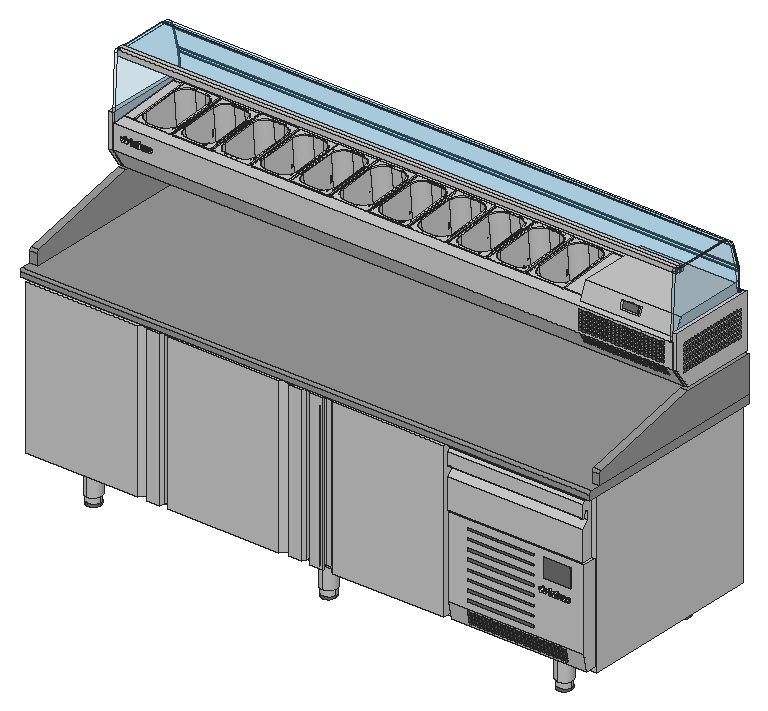
Revit family "QF_INFRICO_MP2300_VIP2300B14_G_250813011618", category Specialty Equipment, Revit 2021 (continued)
Definition of nested family "QF_INFRICO_VIP2300B14_G_7212"
  Forms (mm)
    Extrusion 1, solid
      sketch origin (-1435.914, -351.1, -830.93) x (1, 0, 0) y (0, 0, 1)
        loop
          line (3388.864, 964.364) -> (3398.864, 964.364) -> (3398.864, 974.364) -> (3388.864, 974.364) -> (3388.864, 964.364)
        loop
          line (3382.214, 964.364) -> (3382.214, 974.364) -> (3372.214, 974.364) -> (3372.214, 964.364) -> (3382.214, 964.364)
        loop
          line (3372.214, 980.789) -> (3382.214, 980.789) -> (3382.214, 990.789) -> (3372.214, 990.789) -> (3372.214, 980.789)
        loop
          line (3372.214, 997.214) -> (3382.214, 997.214) -> (3382.214, 1007.214) -> (3372.214, 1007.214) -> (3372.214, 997.214)
        loop
          line (3388.864, 997.214) -> (3398.864, 997.214) -> (3398.864, 1007.214) -> (3388.864, 1007.214) -> (3388.864, 997.214)
        loop
          line (3398.864, 980.789) -> (3398.864, 990.789) -> (3388.864, 990.789) -> (3388.864, 980.789) -> (3398.864, 980.789)
        loop
          line (3422.164, 931.514) -> (3432.164, 931.514) -> (3432.164, 941.514) -> (3422.164, 941.514) -> (3422.164, 931.514)
        loop
          line (3405.514, 931.514) -> (3415.514, 931.514) -> (3415.514, 941.514) -> (3405.514, 941.514) -> (3405.514, 931.514)
        loop
          line (3422.164, 947.939) -> (3432.164, 947.939) -> (3432.164, 957.939) -> (3422.164, 957.939) -> (3422.164, 947.939)
        loop
          line (3415.514, 947.939) -> (3415.514, 957.939) -> (3405.514, 957.939) -> (3405.514, 947.939) -> (3415.514, 947.939)
        loop
          line (3422.164, 964.364) -> (3432.164, 964.364) -> (3432.164, 974.364) -> (3422.164, 974.364) -> (3422.164, 964.364)
        loop
          line (3415.514, 964.364) -> (3415.514, 974.364) -> (3405.514, 974.364) -> (3405.514, 964.364) -> (3415.514, 964.364)
        loop
          line (3405.514, 980.789) -> (3415.514, 980.789) -> (3415.514, 990.789) -> (3405.514, 990.789) -> (3405.514, 980.789)
        loop
          line (3405.514, 997.214) -> (3415.514, 997.214) -> (3415.514, 1007.214) -> (3405.514, 1007.214) -> (3405.514, 997.214)
        loop
          line (3422.164, 997.214) -> (3432.164, 997.214) -> (3432.164, 1007.214) -> (3422.164, 1007.214) -> (3422.164, 997.214)
        loop
          line (3432.164, 980.789) -> (3432.164, 990.789) -> (3422.164, 990.789) -> (3422.164, 980.789) -> (3432.164, 980.789)
        loop
          line (3455.464, 931.514) -> (3465.464, 931.514) -> (3465.464, 941.514) -> (3455.464, 941.514) -> (3455.464, 931.514)
        loop
          line (3438.814, 931.514) -> (3448.814, 931.514) -> (3448.814, 941.514) -> (3438.814, 941.514) -> (3438.814, 931.514)
        loop
          line (3455.464, 947.939) -> (3465.464, 947.939) -> (3465.464, 957.939) -> (3455.464, 957.939) -> (3455.464, 947.939)
        loop
          line (3448.814, 947.939) -> (3448.814, 957.939) -> (3438.814, 957.939) -> (3438.814, 947.939) -> (3448.814, 947.939)
        loop
          line (3455.464, 964.364) -> (3465.464, 964.364) -> (3465.464, 974.364) -> (3455.464, 974.364) -> (3455.464, 964.364)
        loop
          line (3448.814, 964.364) -> (3448.814, 974.364) -> (3438.814, 974.364) -> (3438.814, 964.364) -> (3448.814, 964.364)
        loop
          line (3438.814, 980.789) -> (3448.814, 980.789) -> (3448.814, 990.789) -> (3438.814, 990.789) -> (3438.814, 980.789)
        loop
          line (3438.814, 997.214) -> (3448.814, 997.214) -> (3448.814, 1007.214) -> (3438.814, 1007.214) -> (3438.814, 997.214)
        loop
          line (3455.464, 997.214) -> (3465.464, 997.214) -> (3465.464, 1007.214) -> (3455.464, 1007.214) -> (3455.464, 997.214)
        loop
          line (3465.464, 980.789) -> (3465.464, 990.789) -> (3455.464, 990.789) -> (3455.464, 980.789) -> (3465.464, 980.789)
        loop
          line (3488.764, 931.514) -> (3498.764, 931.514) -> (3498.764, 941.514) -> (3488.764, 941.514) -> (3488.764, 931.514)
        loop
          line (3472.114, 931.514) -> (3482.114, 931.514) -> (3482.114, 941.514) -> (3472.114, 941.514) -> (3472.114, 931.514)
        loop
          line (3488.764, 947.939) -> (3498.764, 947.939) -> (3498.764, 957.939) -> (3488.764, 957.939) -> (3488.764, 947.939)
        loop
          line (3482.114, 947.939) -> (3482.114, 957.939) -> (3472.114, 957.939) -> (3472.114, 947.939) -> (3482.114, 947.939)
        loop
          line (3488.764, 964.364) -> (3498.764, 964.364) -> (3498.764, 974.364) -> (3488.764, 974.364) -> (3488.764, 964.364)
        loop
          line (3482.114, 964.364) -> (3482.114, 974.364) -> (3472.114, 974.364) -> (3472.114, 964.364) -> (3482.114, 964.364)
        loop
          line (3472.114, 980.789) -> (3482.114, 980.789) -> (3482.114, 990.789) -> (3472.114, 990.789) -> (3472.114, 980.789)
        loop
          line (3472.114, 997.214) -> (3482.114, 997.214) -> (3482.114, 1007.214) -> (3472.114, 1007.214) -> (3472.114, 997.214)
        loop
          line (3488.764, 997.214) -> (3498.764, 997.214) -> (3498.764, 1007.214) -> (3488.764, 1007.214) -> (3488.764, 997.214)
        loop
          line (3498.764, 980.789) -> (3498.764, 990.789) -> (3488.764, 990.789) -> (3488.764, 980.789) -> (3498.764, 980.789)
        loop
          line (3522.064, 931.514) -> (3532.064, 931.514) -> (3532.064, 941.514) -> (3522.064, 941.514) -> (3522.064, 931.514)
        loop
          line (3505.414, 931.514) -> (3515.414, 931.514) -> (3515.414, 941.514) -> (3505.414, 941.514) -> (3505.414, 931.514)
        loop
          line (3522.064, 947.939) -> (3532.064, 947.939) -> (3532.064, 957.939) -> (3522.064, 957.939) -> (3522.064, 947.939)
        loop
          line (3515.414, 947.939) -> (3515.414, 957.939) -> (3505.414, 957.939) -> (3505.414, 947.939) -> (3515.414, 947.939)
        loop
          line (3522.064, 964.364) -> (3532.064, 964.364) -> (3532.064, 974.364) -> (3522.064, 974.364) -> (3522.064, 964.364)
        loop
          line (3515.414, 964.364) -> (3515.414, 974.364) -> (3505.414, 974.364) -> (3505.414, 964.364) -> (3515.414, 964.364)
        loop
          line (3505.414, 980.789) -> (3515.414, 980.789) -> (3515.414, 990.789) -> (3505.414, 990.789) -> (3505.414, 980.789)
        loop
          line (3505.414, 997.214) -> (3515.414, 997.214) -> (3515.414, 1007.214) -> (3505.414, 1007.214) -> (3505.414, 997.214)
        loop
          line (3522.064, 997.214) -> (3532.064, 997.214) -> (3532.064, 1007.214) -> (3522.064, 1007.214) -> (3522.064, 997.214)
        loop
          line (3532.064, 980.789) -> (3532.064, 990.789) -> (3522.064, 990.789) -> (3522.064, 980.789) -> (3532.064, 980.789)
        loop
          line (3555.364, 931.514) -> (3565.364, 931.514) -> (3565.364, 941.514) -> (3555.364, 941.514) -> (3555.364, 931.514)
        loop
          line (3538.714, 931.514) -> (3548.714, 931.514) -> (3548.714, 941.514) -> (3538.714, 941.514) -> (3538.714, 931.514)
        loop
          line (3555.364, 947.939) -> (3565.364, 947.939) -> (3565.364, 957.939) -> (3555.364, 957.939) -> (3555.364, 947.939)
        loop
          line (3548.714, 947.939) -> (3548.714, 957.939) -> (3538.714, 957.939) -> (3538.714, 947.939) -> (3548.714, 947.939)
        loop
          line (3555.364, 964.364) -> (3565.364, 964.364) -> (3565.364, 974.364) -> (3555.364, 974.364) -> (3555.364, 964.364)
        loop
          line (3548.714, 964.364) -> (3548.714, 974.364) -> (3538.714, 974.364) -> (3538.714, 964.364) -> (3548.714, 964.364)
        loop
          line (3538.714, 980.789) -> (3548.714, 980.789) -> (3548.714, 990.789) -> (3538.714, 990.789) -> (3538.714, 980.789)
        loop
          line (3538.714, 997.214) -> (3548.714, 997.214) -> (3548.714, 1007.214) -> (3538.714, 1007.214) -> (3538.714, 997.214)
        loop
          line (3555.364, 997.214) -> (3565.364, 997.214) -> (3565.364, 1007.214) -> (3555.364, 1007.214) -> (3555.364, 997.214)
        loop
          line (3565.364, 980.789) -> (3565.364, 990.789) -> (3555.364, 990.789) -> (3555.364, 980.789) -> (3565.364, 980.789)
        loop
          line (3588.664, 931.514) -> (3598.664, 931.514) -> (3598.664, 941.514) -> (3588.664, 941.514) -> (3588.664, 931.514)
        loop
          line (3572.014, 931.514) -> (3582.014, 931.514) -> (3582.014, 941.514) -> (3572.014, 941.514) -> (3572.014, 931.514)
        loop
          line (3588.664, 947.939) -> (3598.664, 947.939) -> (3598.664, 957.939) -> (3588.664, 957.939) -> (3588.664, 947.939)
        loop
          line (3582.014, 947.939) -> (3582.014, 957.939) -> (3572.014, 957.939) -> (3572.014, 947.939) -> (3582.014, 947.939)
        loop
          line (3588.664, 964.364) -> (3598.664, 964.364) -> (3598.664, 974.364) -> (3588.664, 974.364) -> (3588.664, 964.364)
        loop
          line (3582.014, 964.364) -> (3582.014, 974.364) -> (3572.014, 974.364) -> (3572.014, 964.364) -> (3582.014, 964.364)
        loop
          line (3572.014, 980.789) -> (3582.014, 980.789) -> (3582.014, 990.789) -> (3572.014, 990.789) -> (3572.014, 980.789)
        loop
          line (3572.014, 997.214) -> (3582.014, 997.214) -> (3582.014, 1007.214) -> (3572.014, 1007.214) -> (3572.014, 997.214)
        loop
          line (3588.664, 997.214) -> (3598.664, 997.214) -> (3598.664, 1007.214) -> (3588.664, 1007.214) -> (3588.664, 997.214)
        loop
          line (3598.664, 980.789) -> (3598.664, 990.789) -> (3588.664, 990.789) -> (3588.664, 980.789) -> (3598.664, 980.789)
        loop
          line (3605.314, 931.514) -> (3615.314, 931.514) -> (3615.314, 941.514) -> (3605.314, 941.514) -> (3605.314, 931.514)
        loop
          line (3605.314, 947.939) -> (3615.314, 947.939) -> (3615.314, 957.939) -> (3605.314, 957.939) -> (3605.314, 947.939)
        loop
          line (3605.314, 964.364) -> (3615.314, 964.364) -> (3615.314, 974.364) -> (3605.314, 974.364) -> (3605.314, 964.364)
        loop
          line (3605.314, 997.214) -> (3615.314, 997.214) -> (3615.314, 1007.214) -> (3605.314, 1007.214) -> (3605.314, 997.214)
        loop
          line (3615.314, 980.789) -> (3615.314, 990.789) -> (3605.314, 990.789) -> (3605.314, 980.789) -> (3615.314, 980.789)
        loop
          line (3638.614, 931.514) -> (3648.614, 931.514) -> (3648.614, 941.514) -> (3638.614, 941.514) -> (3638.614, 931.514)
        loop
          line (3621.964, 931.514) -> (3631.964, 931.514) -> (3631.964, 941.514) -> (3621.964, 941.514) -> (3621.964, 931.514)
        loop
          line (3638.614, 947.939) -> (3648.614, 947.939) -> (3648.614, 957.939) -> (3638.614, 957.939) -> (3638.614, 947.939)
        loop
          line (3631.964, 947.939) -> (3631.964, 957.939) -> (3621.964, 957.939) -> (3621.964, 947.939) -> (3631.964, 947.939)
        loop
          line (3638.614, 964.364) -> (3648.614, 964.364) -> (3648.614, 974.364) -> (3638.614, 974.364) -> (3638.614, 964.364)
        loop
          line (3631.964, 964.364) -> (3631.964, 974.364) -> (3621.964, 974.364) -> (3621.964, 964.364) -> (3631.964, 964.364)
        loop
          line (3621.964, 980.789) -> (3631.964, 980.789) -> (3631.964, 990.789) -> (3621.964, 990.789) -> (3621.964, 980.789)
        loop
          line (3621.964, 997.214) -> (3631.964, 997.214) -> (3631.964, 1007.214) -> (3621.964, 1007.214) -> (3621.964, 997.214)
        loop
          line (3638.614, 997.214) -> (3648.614, 997.214) -> (3648.614, 1007.214) -> (3638.614, 1007.214) -> (3638.614, 997.214)
        loop
          line (3648.614, 980.789) -> (3648.614, 990.789) -> (3638.614, 990.789) -> (3638.614, 980.789) -> (3648.614, 980.789)
        loop
          line (3671.914, 931.514) -> (3681.914, 931.514) -> (3681.914, 941.514) -> (3671.914, 941.514) -> (3671.914, 931.514)
        loop
          line (3655.264, 931.514) -> (3665.264, 931.514) -> (3665.264, 941.514) -> (3655.264, 941.514) -> (3655.264, 931.514)
        loop
          line (3671.914, 947.939) -> (3681.914, 947.939) -> (3681.914, 957.939) -> (3671.914, 957.939) -> (3671.914, 947.939)
        loop
          line (3665.264, 947.939) -> (3665.264, 957.939) -> (3655.264, 957.939) -> (3655.264, 947.939) -> (3665.264, 947.939)
        loop
          line (3671.914, 964.364) -> (3681.914, 964.364) -> (3681.914, 974.364) -> (3671.914, 974.364) -> (3671.914, 964.364)
        loop
          line (3665.264, 964.364) -> (3665.264, 974.364) -> (3655.264, 974.364) -> (3655.264, 964.364) -> (3665.264, 964.364)
        loop
          line (3655.264, 980.789) -> (3665.264, 980.789) -> (3665.264, 990.789) -> (3655.264, 990.789) -> (3655.264, 980.789)
        loop
          line (3655.264, 997.214) -> (3665.264, 997.214) -> (3665.264, 1007.214) -> (3655.264, 1007.214) -> (3655.264, 997.214)
        loop
          line (3671.914, 997.214) -> (3681.914, 997.214) -> (3681.914, 1007.214) -> (3671.914, 1007.214) -> (3671.914, 997.214)
        loop
          line (3681.914, 980.789) -> (3681.914, 990.789) -> (3671.914, 990.789) -> (3671.914, 980.789) -> (3681.914, 980.789)
      from 0 to 2
    Extrusion 2, solid
      sketch origin (-1435.914, 212.286, -760.014) x (1, 0, 0) y (0, -0.552197, 0.833714)
        loop
          line (3355.564, 964.364) -> (3365.564, 964.364) -> (3365.564, 974.364) -> (3355.564, 974.364) -> (3355.564, 964.364)
        loop
          line (3348.914, 964.364) -> (3348.914, 974.364) -> (3338.914, 974.364) -> (3338.914, 964.364) -> (3348.914, 964.364)
        loop
          line (3338.914, 980.789) -> (3348.914, 980.789) -> (3348.914, 990.789) -> (3338.914, 990.789) -> (3338.914, 980.789)
        loop
          line (3338.914, 997.214) -> (3348.914, 997.214) -> (3348.914, 1007.214) -> (3338.914, 1007.214) -> (3338.914, 997.214)
        loop
          line (3355.564, 997.214) -> (3365.564, 997.214) -> (3365.564, 1007.214) -> (3355.564, 1007.214) -> (3355.564, 997.214)
        loop
          line (3365.564, 980.789) -> (3365.564, 990.789) -> (3355.564, 990.789) -> (3355.564, 980.789) -> (3365.564, 980.789)
        loop
          line (3388.864, 964.364) -> (3398.864, 964.364) -> (3398.864, 974.364) -> (3388.864, 974.364) -> (3388.864, 964.364)
        loop
          line (3382.214, 964.364) -> (3382.214, 974.364) -> (3372.214, 974.364) -> (3372.214, 964.364) -> (3382.214, 964.364)
        loop
          line (3372.214, 980.789) -> (3382.214, 980.789) -> (3382.214, 990.789) -> (3372.214, 990.789) -> (3372.214, 980.789)
        loop
          line (3372.214, 997.214) -> (3382.214, 997.214) -> (3382.214, 1007.214) -> (3372.214, 1007.214) -> (3372.214, 997.214)
        loop
          line (3388.864, 997.214) -> (3398.864, 997.214) -> (3398.864, 1007.214) -> (3388.864, 1007.214) -> (3388.864, 997.214)
        loop
          line (3398.864, 980.789) -> (3398.864, 990.789) -> (3388.864, 990.789) -> (3388.864, 980.789) -> (3398.864, 980.789)
        loop
          line (3422.164, 964.364) -> (3432.164, 964.364) -> (3432.164, 974.364) -> (3422.164, 974.364) -> (3422.164, 964.364)
        loop
          line (3415.514, 964.364) -> (3415.514, 974.364) -> (3405.514, 974.364) -> (3405.514, 964.364) -> (3415.514, 964.364)
        loop
          line (3405.514, 980.789) -> (3415.514, 980.789) -> (3415.514, 990.789) -> (3405.514, 990.789) -> (3405.514, 980.789)
        loop
          line (3405.514, 997.214) -> (3415.514, 997.214) -> (3415.514, 1007.214) -> (3405.514, 1007.214) -> (3405.514, 997.214)
        loop
          line (3422.164, 997.214) -> (3432.164, 997.214) -> (3432.164, 1007.214) -> (3422.164, 1007.214) -> (3422.164, 997.214)
        loop
          line (3432.164, 980.789) -> (3432.164, 990.789) -> (3422.164, 990.789) -> (3422.164, 980.789) -> (3432.164, 980.789)
        loop
          line (3455.464, 964.364) -> (3465.464, 964.364) -> (3465.464, 974.364) -> (3455.464, 974.364) -> (3455.464, 964.364)
        loop
          line (3448.814, 964.364) -> (3448.814, 974.364) -> (3438.814, 974.364) -> (3438.814, 964.364) -> (3448.814, 964.364)
        loop
          line (3438.814, 980.789) -> (3448.814, 980.789) -> (3448.814, 990.789) -> (3438.814, 990.789) -> (3438.814, 980.789)
        loop
          line (3438.814, 997.214) -> (3448.814, 997.214) -> (3448.814, 1007.214) -> (3438.814, 1007.214) -> (3438.814, 997.214)
        loop
          line (3455.464, 997.214) -> (3465.464, 997.214) -> (3465.464, 1007.214) -> (3455.464, 1007.214) -> (3455.464, 997.214)
        loop
          line (3465.464, 980.789) -> (3465.464, 990.789) -> (3455.464, 990.789) -> (3455.464, 980.789) -> (3465.464, 980.789)
        loop
          line (3488.764, 964.364) -> (3498.764, 964.364) -> (3498.764, 974.364) -> (3488.764, 974.364) -> (3488.764, 964.364)
        loop
          line (3482.114, 964.364) -> (3482.114, 974.364) -> (3472.114, 974.364) -> (3472.114, 964.364) -> (3482.114, 964.364)
        loop
          line (3472.114, 980.789) -> (3482.114, 980.789) -> (3482.114, 990.789) -> (3472.114, 990.789) -> (3472.114, 980.789)
        loop
          line (3472.114, 997.214) -> (3482.114, 997.214) -> (3482.114, 1007.214) -> (3472.114, 1007.214) -> (3472.114, 997.214)
        loop
          line (3488.764, 997.214) -> (3498.764, 997.214) -> (3498.764, 1007.214) -> (3488.764, 1007.214) -> (3488.764, 997.214)
        loop
          line (3498.764, 980.789) -> (3498.764, 990.789) -> (3488.764, 990.789) -> (3488.764, 980.789) -> (3498.764, 980.789)
        loop
          line (3522.064, 964.364) -> (3532.064, 964.364) -> (3532.064, 974.364) -> (3522.064, 974.364) -> (3522.064, 964.364)
        loop
          line (3515.414, 964.364) -> (3515.414, 974.364) -> (3505.414, 974.364) -> (3505.414, 964.364) -> (3515.414, 964.364)
        loop
          line (3505.414, 980.789) -> (3515.414, 980.789) -> (3515.414, 990.789) -> (3505.414, 990.789) -> (3505.414, 980.789)
        loop
          line (3505.414, 997.214) -> (3515.414, 997.214) -> (3515.414, 1007.214) -> (3505.414, 1007.214) -> (3505.414, 997.214)
        loop
          line (3522.064, 997.214) -> (3532.064, 997.214) -> (3532.064, 1007.214) -> (3522.064, 1007.214) -> (3522.064, 997.214)
        loop
          line (3532.064, 980.789) -> (3532.064, 990.789) -> (3522.064, 990.789) -> (3522.064, 980.789) -> (3532.064, 980.789)
        loop
          line (3555.364, 964.364) -> (3565.364, 964.364) -> (3565.364, 974.364) -> (3555.364, 974.364) -> (3555.364, 964.364)
        loop
          line (3548.714, 964.364) -> (3548.714, 974.364) -> (3538.714, 974.364) -> (3538.714, 964.364) -> (3548.714, 964.364)
        loop
          line (3538.714, 980.789) -> (3548.714, 980.789) -> (3548.714, 990.789) -> (3538.714, 990.789) -> (3538.714, 980.789)
        loop
          line (3538.714, 997.214) -> (3548.714, 997.214) -> (3548.714, 1007.214) -> (3538.714, 1007.214) -> (3538.714, 997.214)
        loop
          line (3555.364, 997.214) -> (3565.364, 997.214) -> (3565.364, 1007.214) -> (3555.364, 1007.214) -> (3555.364, 997.214)
        loop
          line (3565.364, 980.789) -> (3565.364, 990.789) -> (3555.364, 990.789) -> (3555.364, 980.789) -> (3565.364, 980.789)
        loop
          line (3588.664, 964.364) -> (3598.664, 964.364) -> (3598.664, 974.364) -> (3588.664, 974.364) -> (3588.664, 964.364)
        loop
          line (3582.014, 964.364) -> (3582.014, 974.364) -> (3572.014, 974.364) -> (3572.014, 964.364) -> (3582.014, 964.364)
        loop
          line (3572.014, 980.789) -> (3582.014, 980.789) -> (3582.014, 990.789) -> (3572.014, 990.789) -> (3572.014, 980.789)
        loop
          line (3572.014, 997.214) -> (3582.014, 997.214) -> (3582.014, 1007.214) -> (3572.014, 1007.214) -> (3572.014, 997.214)
        loop
          line (3588.664, 997.214) -> (3598.664, 997.214) -> (3598.664, 1007.214) -> (3588.664, 1007.214) -> (3588.664, 997.214)
        loop
          line (3598.664, 980.789) -> (3598.664, 990.789) -> (3588.664, 990.789) -> (3588.664, 980.789) -> (3598.664, 980.789)
        loop
          line (3605.314, 964.364) -> (3615.314, 964.364) -> (3615.314, 974.364) -> (3605.314, 974.364) -> (3605.314, 964.364)
        loop
          line (3605.314, 997.214) -> (3615.314, 997.214) -> (3615.314, 1007.214) -> (3605.314, 1007.214) -> (3605.314, 997.214)
        loop
          line (3615.314, 980.789) -> (3615.314, 990.789) -> (3605.314, 990.789) -> (3605.314, 980.789) -> (3615.314, 980.789)
        loop
          line (3638.614, 964.364) -> (3648.614, 964.364) -> (3648.614, 974.364) -> (3638.614, 974.364) -> (3638.614, 964.364)
        loop
          line (3631.964, 964.364) -> (3631.964, 974.364) -> (3621.964, 974.364) -> (3621.964, 964.364) -> (3631.964, 964.364)
        loop
          line (3621.964, 980.789) -> (3631.964, 980.789) -> (3631.964, 990.789) -> (3621.964, 990.789) -> (3621.964, 980.789)
        loop
          line (3621.964, 997.214) -> (3631.964, 997.214) -> (3631.964, 1007.214) -> (3621.964, 1007.214) -> (3621.964, 997.214)
        loop
          line (3638.614, 997.214) -> (3648.614, 997.214) -> (3648.614, 1007.214) -> (3638.614, 1007.214) -> (3638.614, 997.214)
        loop
          line (3648.614, 980.789) -> (3648.614, 990.789) -> (3638.614, 990.789) -> (3638.614, 980.789) -> (3648.614, 980.789)
        loop
          line (3671.914, 964.364) -> (3681.914, 964.364) -> (3681.914, 974.364) -> (3671.914, 974.364) -> (3671.914, 964.364)
        loop
          line (3665.264, 964.364) -> (3665.264, 974.364) -> (3655.264, 974.364) -> (3655.264, 964.364) -> (3665.264, 964.364)
        loop
          line (3655.264, 980.789) -> (3665.264, 980.789) -> (3665.264, 990.789) -> (3655.264, 990.789) -> (3655.264, 980.789)
        loop
          line (3655.264, 997.214) -> (3665.264, 997.214) -> (3665.264, 1007.214) -> (3655.264, 1007.214) -> (3655.264, 997.214)
        loop
          line (3671.914, 997.214) -> (3681.914, 997.214) -> (3681.914, 1007.214) -> (3671.914, 1007.214) -> (3671.914, 997.214)
        loop
          line (3681.914, 980.789) -> (3681.914, 990.789) -> (3671.914, 990.789) -> (3671.914, 980.789) -> (3681.914, 980.789)
      from 0 to 2
    Extrusion 3, solid
      sketch origin (-1405, 0.1, -845.104) x (1, 0, 0) y (0, 0, 1)
        loop
          line (3338.914, 931.514) -> (3348.914, 931.514) -> (3348.914, 941.514) -> (3338.914, 941.514) -> (3338.914, 931.514)
        loop
          line (3338.914, 948.181) -> (3348.914, 948.181) -> (3348.914, 958.181) -> (3338.914, 958.181) -> (3338.914, 948.181)
        loop
          line (3338.914, 964.847) -> (3348.914, 964.847) -> (3348.914, 974.847) -> (3338.914, 974.847) -> (3338.914, 964.847)
        loop
          line (3355.493, 931.514) -> (3365.493, 931.514) -> (3365.493, 941.514) -> (3355.493, 941.514) -> (3355.493, 931.514)
        loop
          line (3355.493, 948.181) -> (3365.493, 948.181) -> (3365.493, 958.181) -> (3355.493, 958.181) -> (3355.493, 948.181)
        loop
          line (3355.493, 964.847) -> (3365.493, 964.847) -> (3365.493, 974.847) -> (3355.493, 974.847) -> (3355.493, 964.847)
        loop
          line (3338.914, 981.514) -> (3348.914, 981.514) -> (3348.914, 991.514) -> (3338.914, 991.514) -> (3338.914, 981.514)
        loop
          line (3355.493, 991.514) -> (3355.493, 981.514) -> (3365.493, 981.514) -> (3365.493, 991.514) -> (3355.493, 991.514)
        loop
          line (3355.493, 998.181) -> (3365.493, 998.181) -> (3365.493, 1008.181) -> (3355.493, 1008.181) -> (3355.493, 998.181)
        loop
          line (3348.914, 998.181) -> (3348.914, 1008.181) -> (3338.914, 1008.181) -> (3338.914, 998.181) -> (3348.914, 998.181)
        loop
          line (3338.914, 1024.847) -> (3338.914, 1014.847) -> (3348.914, 1014.847) -> (3348.914, 1024.847) -> (3338.914, 1024.847)
        loop
          line (3355.493, 1014.847) -> (3365.493, 1014.847) -> (3365.493, 1024.847) -> (3355.493, 1024.847) -> (3355.493, 1014.847)
        loop
          line (3355.493, 1031.514) -> (3365.493, 1031.514) -> (3365.493, 1041.514) -> (3355.493, 1041.514) -> (3355.493, 1031.514)
        loop
          line (3348.914, 1041.514) -> (3338.914, 1041.514) -> (3338.914, 1031.514) -> (3348.914, 1031.514) -> (3348.914, 1041.514)
        loop
          line (3372.072, 931.514) -> (3382.072, 931.514) -> (3382.072, 941.514) -> (3372.072, 941.514) -> (3372.072, 931.514)
        loop
          line (3372.072, 948.181) -> (3382.072, 948.181) -> (3382.072, 958.181) -> (3372.072, 958.181) -> (3372.072, 948.181)
        loop
          line (3372.072, 964.847) -> (3382.072, 964.847) -> (3382.072, 974.847) -> (3372.072, 974.847) -> (3372.072, 964.847)
        loop
          line (3388.651, 931.514) -> (3398.651, 931.514) -> (3398.651, 941.514) -> (3388.651, 941.514) -> (3388.651, 931.514)
        loop
          line (3388.651, 948.181) -> (3398.651, 948.181) -> (3398.651, 958.181) -> (3388.651, 958.181) -> (3388.651, 948.181)
        loop
          line (3388.651, 964.847) -> (3398.651, 964.847) -> (3398.651, 974.847) -> (3388.651, 974.847) -> (3388.651, 964.847)
        loop
          line (3372.072, 981.514) -> (3382.072, 981.514) -> (3382.072, 991.514) -> (3372.072, 991.514) -> (3372.072, 981.514)
        loop
          line (3388.651, 991.514) -> (3388.651, 981.514) -> (3398.651, 981.514) -> (3398.651, 991.514) -> (3388.651, 991.514)
        loop
          line (3388.651, 998.181) -> (3398.651, 998.181) -> (3398.651, 1008.181) -> (3388.651, 1008.181) -> (3388.651, 998.181)
        loop
          line (3382.072, 998.181) -> (3382.072, 1008.181) -> (3372.072, 1008.181) -> (3372.072, 998.181) -> (3382.072, 998.181)
        loop
          line (3372.072, 1024.847) -> (3372.072, 1014.847) -> (3382.072, 1014.847) -> (3382.072, 1024.847) -> (3372.072, 1024.847)
        loop
          line (3388.651, 1014.847) -> (3398.651, 1014.847) -> (3398.651, 1024.847) -> (3388.651, 1024.847) -> (3388.651, 1014.847)
        loop
          line (3388.651, 1031.514) -> (3398.651, 1031.514) -> (3398.651, 1041.514) -> (3388.651, 1041.514) -> (3388.651, 1031.514)
        loop
          line (3382.072, 1041.514) -> (3372.072, 1041.514) -> (3372.072, 1031.514) -> (3382.072, 1031.514) -> (3382.072, 1041.514)
        loop
          line (3405.23, 931.514) -> (3415.23, 931.514) -> (3415.23, 941.514) -> (3405.23, 941.514) -> (3405.23, 931.514)
        loop
          line (3405.23, 948.181) -> (3415.23, 948.181) -> (3415.23, 958.181) -> (3405.23, 958.181) -> (3405.23, 948.181)
        loop
          line (3405.23, 964.847) -> (3415.23, 964.847) -> (3415.23, 974.847) -> (3405.23, 974.847) -> (3405.23, 964.847)
        loop
          line (3421.809, 931.514) -> (3431.809, 931.514) -> (3431.809, 941.514) -> (3421.809, 941.514) -> (3421.809, 931.514)
        loop
          line (3421.809, 948.181) -> (3431.809, 948.181) -> (3431.809, 958.181) -> (3421.809, 958.181) -> (3421.809, 948.181)
        loop
          line (3421.809, 964.847) -> (3431.809, 964.847) -> (3431.809, 974.847) -> (3421.809, 974.847) -> (3421.809, 964.847)
        loop
          line (3405.23, 981.514) -> (3415.23, 981.514) -> (3415.23, 991.514) -> (3405.23, 991.514) -> (3405.23, 981.514)
        loop
          line (3421.809, 991.514) -> (3421.809, 981.514) -> (3431.809, 981.514) -> (3431.809, 991.514) -> (3421.809, 991.514)
        loop
          line (3421.809, 998.181) -> (3431.809, 998.181) -> (3431.809, 1008.181) -> (3421.809, 1008.181) -> (3421.809, 998.181)
        loop
          line (3415.23, 998.181) -> (3415.23, 1008.181) -> (3405.23, 1008.181) -> (3405.23, 998.181) -> (3415.23, 998.181)
        loop
          line (3405.23, 1024.847) -> (3405.23, 1014.847) -> (3415.23, 1014.847) -> (3415.23, 1024.847) -> (3405.23, 1024.847)
        loop
          line (3421.809, 1014.847) -> (3431.809, 1014.847) -> (3431.809, 1024.847) -> (3421.809, 1024.847) -> (3421.809, 1014.847)
        loop
          line (3421.809, 1031.514) -> (3431.809, 1031.514) -> (3431.809, 1041.514) -> (3421.809, 1041.514) -> (3421.809, 1031.514)
        loop
          line (3415.23, 1041.514) -> (3405.23, 1041.514) -> (3405.23, 1031.514) -> (3415.23, 1031.514) -> (3415.23, 1041.514)
        loop
          line (3438.388, 931.514) -> (3448.388, 931.514) -> (3448.388, 941.514) -> (3438.388, 941.514) -> (3438.388, 931.514)
        loop
          line (3438.388, 948.181) -> (3448.388, 948.181) -> (3448.388, 958.181) -> (3438.388, 958.181) -> (3438.388, 948.181)
        loop
          line (3438.388, 964.847) -> (3448.388, 964.847) -> (3448.388, 974.847) -> (3438.388, 974.847) -> (3438.388, 964.847)
        loop
          line (3454.967, 931.514) -> (3464.967, 931.514) -> (3464.967, 941.514) -> (3454.967, 941.514) -> (3454.967, 931.514)
        loop
          line (3454.967, 948.181) -> (3464.967, 948.181) -> (3464.967, 958.181) -> (3454.967, 958.181) -> (3454.967, 948.181)
        loop
          line (3454.967, 964.847) -> (3464.967, 964.847) -> (3464.967, 974.847) -> (3454.967, 974.847) -> (3454.967, 964.847)
        loop
          line (3438.388, 981.514) -> (3448.388, 981.514) -> (3448.388, 991.514) -> (3438.388, 991.514) -> (3438.388, 981.514)
        loop
          line (3454.967, 991.514) -> (3454.967, 981.514) -> (3464.967, 981.514) -> (3464.967, 991.514) -> (3454.967, 991.514)
        loop
          line (3454.967, 998.181) -> (3464.967, 998.181) -> (3464.967, 1008.181) -> (3454.967, 1008.181) -> (3454.967, 998.181)
        loop
          line (3448.388, 998.181) -> (3448.388, 1008.181) -> (3438.388, 1008.181) -> (3438.388, 998.181) -> (3448.388, 998.181)
        loop
          line (3438.388, 1024.847) -> (3438.388, 1014.847) -> (3448.388, 1014.847) -> (3448.388, 1024.847) -> (3438.388, 1024.847)
        loop
          line (3454.967, 1014.847) -> (3464.967, 1014.847) -> (3464.967, 1024.847) -> (3454.967, 1024.847) -> (3454.967, 1014.847)
        loop
          line (3454.967, 1031.514) -> (3464.967, 1031.514) -> (3464.967, 1041.514) -> (3454.967, 1041.514) -> (3454.967, 1031.514)
        loop
          line (3448.388, 1041.514) -> (3438.388, 1041.514) -> (3438.388, 1031.514) -> (3448.388, 1031.514) -> (3448.388, 1041.514)
        loop
          line (3471.546, 931.514) -> (3481.546, 931.514) -> (3481.546, 941.514) -> (3471.546, 941.514) -> (3471.546, 931.514)
        loop
          line (3471.546, 948.181) -> (3481.546, 948.181) -> (3481.546, 958.181) -> (3471.546, 958.181) -> (3471.546, 948.181)
        loop
          line (3471.546, 964.847) -> (3481.546, 964.847) -> (3481.546, 974.847) -> (3471.546, 974.847) -> (3471.546, 964.847)
        loop
          line (3488.125, 931.514) -> (3498.125, 931.514) -> (3498.125, 941.514) -> (3488.125, 941.514) -> (3488.125, 931.514)
        loop
          line (3488.125, 948.181) -> (3498.125, 948.181) -> (3498.125, 958.181) -> (3488.125, 958.181) -> (3488.125, 948.181)
        loop
          line (3488.125, 964.847) -> (3498.125, 964.847) -> (3498.125, 974.847) -> (3488.125, 974.847) -> (3488.125, 964.847)
        loop
          line (3471.546, 981.514) -> (3481.546, 981.514) -> (3481.546, 991.514) -> (3471.546, 991.514) -> (3471.546, 981.514)
        loop
          line (3488.125, 991.514) -> (3488.125, 981.514) -> (3498.125, 981.514) -> (3498.125, 991.514) -> (3488.125, 991.514)
        loop
          line (3488.125, 998.181) -> (3498.125, 998.181) -> (3498.125, 1008.181) -> (3488.125, 1008.181) -> (3488.125, 998.181)
        loop
          line (3481.546, 998.181) -> (3481.546, 1008.181) -> (3471.546, 1008.181) -> (3471.546, 998.181) -> (3481.546, 998.181)
        loop
          line (3471.546, 1024.847) -> (3471.546, 1014.847) -> (3481.546, 1014.847) -> (3481.546, 1024.847) -> (3471.546, 1024.847)
        loop
          line (3488.125, 1014.847) -> (3498.125, 1014.847) -> (3498.125, 1024.847) -> (3488.125, 1024.847) -> (3488.125, 1014.847)
        loop
          line (3488.125, 1031.514) -> (3498.125, 1031.514) -> (3498.125, 1041.514) -> (3488.125, 1041.514) -> (3488.125, 1031.514)
        loop
          line (3481.546, 1041.514) -> (3471.546, 1041.514) -> (3471.546, 1031.514) -> (3481.546, 1031.514) -> (3481.546, 1041.514)
        loop
          line (3504.704, 931.514) -> (3514.704, 931.514) -> (3514.704, 941.514) -> (3504.704, 941.514) -> (3504.704, 931.514)
        loop
          line (3504.704, 948.181) -> (3514.704, 948.181) -> (3514.704, 958.181) -> (3504.704, 958.181) -> (3504.704, 948.181)
        loop
          line (3504.704, 964.847) -> (3514.704, 964.847) -> (3514.704, 974.847) -> (3504.704, 974.847) -> (3504.704, 964.847)
        loop
          line (3521.283, 931.514) -> (3531.283, 931.514) -> (3531.283, 941.514) -> (3521.283, 941.514) -> (3521.283, 931.514)
        loop
          line (3521.283, 948.181) -> (3531.283, 948.181) -> (3531.283, 958.181) -> (3521.283, 958.181) -> (3521.283, 948.181)
        loop
          line (3521.283, 964.847) -> (3531.283, 964.847) -> (3531.283, 974.847) -> (3521.283, 974.847) -> (3521.283, 964.847)
        loop
          line (3504.704, 981.514) -> (3514.704, 981.514) -> (3514.704, 991.514) -> (3504.704, 991.514) -> (3504.704, 981.514)
        loop
          line (3521.283, 991.514) -> (3521.283, 981.514) -> (3531.283, 981.514) -> (3531.283, 991.514) -> (3521.283, 991.514)
        loop
          line (3521.283, 998.181) -> (3531.283, 998.181) -> (3531.283, 1008.181) -> (3521.283, 1008.181) -> (3521.283, 998.181)
        loop
          line (3514.704, 998.181) -> (3514.704, 1008.181) -> (3504.704, 1008.181) -> (3504.704, 998.181) -> (3514.704, 998.181)
        loop
          line (3504.704, 1024.847) -> (3504.704, 1014.847) -> (3514.704, 1014.847) -> (3514.704, 1024.847) -> (3504.704, 1024.847)
        loop
          line (3521.283, 1014.847) -> (3531.283, 1014.847) -> (3531.283, 1024.847) -> (3521.283, 1024.847) -> (3521.283, 1014.847)
        loop
          line (3521.283, 1031.514) -> (3531.283, 1031.514) -> (3531.283, 1041.514) -> (3521.283, 1041.514) -> (3521.283, 1031.514)
        loop
          line (3514.704, 1041.514) -> (3504.704, 1041.514) -> (3504.704, 1031.514) -> (3514.704, 1031.514) -> (3514.704, 1041.514)
        loop
          line (3537.862, 931.514) -> (3547.862, 931.514) -> (3547.862, 941.514) -> (3537.862, 941.514) -> (3537.862, 931.514)
        loop
          line (3537.862, 948.181) -> (3547.862, 948.181) -> (3547.862, 958.181) -> (3537.862, 958.181) -> (3537.862, 948.181)
        loop
          line (3537.862, 964.847) -> (3547.862, 964.847) -> (3547.862, 974.847) -> (3537.862, 974.847) -> (3537.862, 964.847)
        loop
          line (3554.441, 931.514) -> (3564.441, 931.514) -> (3564.441, 941.514) -> (3554.441, 941.514) -> (3554.441, 931.514)
        loop
          line (3554.441, 948.181) -> (3564.441, 948.181) -> (3564.441, 958.181) -> (3554.441, 958.181) -> (3554.441, 948.181)
        loop
          line (3554.441, 964.847) -> (3564.441, 964.847) -> (3564.441, 974.847) -> (3554.441, 974.847) -> (3554.441, 964.847)
        loop
          line (3537.862, 981.514) -> (3547.862, 981.514) -> (3547.862, 991.514) -> (3537.862, 991.514) -> (3537.862, 981.514)
        loop
          line (3554.441, 991.514) -> (3554.441, 981.514) -> (3564.441, 981.514) -> (3564.441, 991.514) -> (3554.441, 991.514)
        loop
          line (3554.441, 998.181) -> (3564.441, 998.181) -> (3564.441, 1008.181) -> (3554.441, 1008.181) -> (3554.441, 998.181)
        loop
          line (3547.862, 998.181) -> (3547.862, 1008.181) -> (3537.862, 1008.181) -> (3537.862, 998.181) -> (3547.862, 998.181)
        loop
          line (3537.862, 1024.847) -> (3537.862, 1014.847) -> (3547.862, 1014.847) -> (3547.862, 1024.847) -> (3537.862, 1024.847)
        loop
          line (3554.441, 1014.847) -> (3564.441, 1014.847) -> (3564.441, 1024.847) -> (3554.441, 1024.847) -> (3554.441, 1014.847)
        loop
          line (3554.441, 1031.514) -> (3564.441, 1031.514) -> (3564.441, 1041.514) -> (3554.441, 1041.514) -> (3554.441, 1031.514)
        loop
          line (3547.862, 1041.514) -> (3537.862, 1041.514) -> (3537.862, 1031.514) -> (3547.862, 1031.514) -> (3547.862, 1041.514)
        loop
          line (3571.019, 931.514) -> (3581.019, 931.514) -> (3581.019, 941.514) -> (3571.019, 941.514) -> (3571.019, 931.514)
        loop
          line (3571.019, 948.181) -> (3581.019, 948.181) -> (3581.019, 958.181) -> (3571.019, 958.181) -> (3571.019, 948.181)
        loop
          line (3571.019, 964.847) -> (3581.019, 964.847) -> (3581.019, 974.847) -> (3571.019, 974.847) -> (3571.019, 964.847)
        loop
          line (3587.598, 931.514) -> (3597.598, 931.514) -> (3597.598, 941.514) -> (3587.598, 941.514) -> (3587.598, 931.514)
        loop
          line (3587.598, 948.181) -> (3597.598, 948.181) -> (3597.598, 958.181) -> (3587.598, 958.181) -> (3587.598, 948.181)
        loop
          line (3587.598, 964.847) -> (3597.598, 964.847) -> (3597.598, 974.847) -> (3587.598, 974.847) -> (3587.598, 964.847)
        loop
          line (3571.019, 981.514) -> (3581.019, 981.514) -> (3581.019, 991.514) -> (3571.019, 991.514) -> (3571.019, 981.514)
        loop
          line (3587.598, 991.514) -> (3587.598, 981.514) -> (3597.598, 981.514) -> (3597.598, 991.514) -> (3587.598, 991.514)
        loop
          line (3587.598, 998.181) -> (3597.598, 998.181) -> (3597.598, 1008.181) -> (3587.598, 1008.181) -> (3587.598, 998.181)
        loop
          line (3581.019, 998.181) -> (3581.019, 1008.181) -> (3571.019, 1008.181) -> (3571.019, 998.181) -> (3581.019, 998.181)
        loop
          line (3571.019, 1024.847) -> (3571.019, 1014.847) -> (3581.019, 1014.847) -> (3581.019, 1024.847) -> (3571.019, 1024.847)
        loop
          line (3587.598, 1014.847) -> (3597.598, 1014.847) -> (3597.598, 1024.847) -> (3587.598, 1024.847) -> (3587.598, 1014.847)
        loop
          line (3587.598, 1031.514) -> (3597.598, 1031.514) -> (3597.598, 1041.514) -> (3587.598, 1041.514) -> (3587.598, 1031.514)
        loop
          line (3581.019, 1041.514) -> (3571.019, 1041.514) -> (3571.019, 1031.514) -> (3581.019, 1031.514) -> (3581.019, 1041.514)
        loop
          line (3604.177, 931.514) -> (3614.177, 931.514) -> (3614.177, 941.514) -> (3604.177, 941.514) -> (3604.177, 931.514)
        loop
          line (3604.177, 948.181) -> (3614.177, 948.181) -> (3614.177, 958.181) -> (3604.177, 958.181) -> (3604.177, 948.181)
        loop
          line (3604.177, 964.847) -> (3614.177, 964.847) -> (3614.177, 974.847) -> (3604.177, 974.847) -> (3604.177, 964.847)
        loop
          line (3620.756, 931.514) -> (3630.756, 931.514) -> (3630.756, 941.514) -> (3620.756, 941.514) -> (3620.756, 931.514)
        loop
          line (3620.756, 948.181) -> (3630.756, 948.181) -> (3630.756, 958.181) -> (3620.756, 958.181) -> (3620.756, 948.181)
        loop
          line (3620.756, 964.847) -> (3630.756, 964.847) -> (3630.756, 974.847) -> (3620.756, 974.847) -> (3620.756, 964.847)
        loop
          line (3604.177, 981.514) -> (3614.177, 981.514) -> (3614.177, 991.514) -> (3604.177, 991.514) -> (3604.177, 981.514)
        loop
          line (3620.756, 991.514) -> (3620.756, 981.514) -> (3630.756, 981.514) -> (3630.756, 991.514) -> (3620.756, 991.514)
        loop
          line (3620.756, 998.181) -> (3630.756, 998.181) -> (3630.756, 1008.181) -> (3620.756, 1008.181) -> (3620.756, 998.181)
        loop
          line (3614.177, 998.181) -> (3614.177, 1008.181) -> (3604.177, 1008.181) -> (3604.177, 998.181) -> (3614.177, 998.181)
        loop
          line (3604.177, 1024.847) -> (3604.177, 1014.847) -> (3614.177, 1014.847) -> (3614.177, 1024.847) -> (3604.177, 1024.847)
        loop
          line (3620.756, 1014.847) -> (3630.756, 1014.847) -> (3630.756, 1024.847) -> (3620.756, 1024.847) -> (3620.756, 1014.847)
        loop
          line (3620.756, 1031.514) -> (3630.756, 1031.514) -> (3630.756, 1041.514) -> (3620.756, 1041.514) -> (3620.756, 1031.514)
        loop
          line (3614.177, 1041.514) -> (3604.177, 1041.514) -> (3604.177, 1031.514) -> (3614.177, 1031.514) -> (3614.177, 1041.514)
        loop
          line (3637.335, 931.514) -> (3647.335, 931.514) -> (3647.335, 941.514) -> (3637.335, 941.514) -> (3637.335, 931.514)
        loop
          line (3637.335, 948.181) -> (3647.335, 948.181) -> (3647.335, 958.181) -> (3637.335, 958.181) -> (3637.335, 948.181)
        loop
          line (3637.335, 964.847) -> (3647.335, 964.847) -> (3647.335, 974.847) -> (3637.335, 974.847) -> (3637.335, 964.847)
        loop
          line (3653.914, 931.514) -> (3663.914, 931.514) -> (3663.914, 941.514) -> (3653.914, 941.514) -> (3653.914, 931.514)
        loop
          line (3653.914, 948.181) -> (3663.914, 948.181) -> (3663.914, 958.181) -> (3653.914, 958.181) -> (3653.914, 948.181)
        loop
          line (3653.914, 964.847) -> (3663.914, 964.847) -> (3663.914, 974.847) -> (3653.914, 974.847) -> (3653.914, 964.847)
        loop
          line (3637.335, 981.514) -> (3647.335, 981.514) -> (3647.335, 991.514) -> (3637.335, 991.514) -> (3637.335, 981.514)
        loop
          line (3653.914, 991.514) -> (3653.914, 981.514) -> (3663.914, 981.514) -> (3663.914, 991.514) -> (3653.914, 991.514)
        loop
          line (3653.914, 998.181) -> (3663.914, 998.181) -> (3663.914, 1008.181) -> (3653.914, 1008.181) -> (3653.914, 998.181)
        loop
          line (3647.335, 998.181) -> (3647.335, 1008.181) -> (3637.335, 1008.181) -> (3637.335, 998.181) -> (3647.335, 998.181)
        loop
          line (3637.335, 1024.847) -> (3637.335, 1014.847) -> (3647.335, 1014.847) -> (3647.335, 1024.847) -> (3637.335, 1024.847)
        loop
          line (3653.914, 1014.847) -> (3663.914, 1014.847) -> (3663.914, 1024.847) -> (3653.914, 1024.847) -> (3653.914, 1014.847)
        loop
          line (3653.914, 1031.514) -> (3663.914, 1031.514) -> (3663.914, 1041.514) -> (3653.914, 1041.514) -> (3653.914, 1031.514)
        loop
          line (3647.335, 1041.514) -> (3637.335, 1041.514) -> (3637.335, 1031.514) -> (3647.335, 1031.514) -> (3647.335, 1041.514)
      from 0 to 2
    Extrusion 4, solid
      sketch origin (2298.1, -1947.229, -830.93) x (0, 1, 0) y (0, 0, 1)
        loop
          line (1913.629, 1008.819) -> (1903.629, 1008.819) -> (1903.629, 998.819) -> (1913.629, 998.819) -> (1913.629, 1008.819)
        loop
          line (1913.629, 992.486) -> (1903.629, 992.486) -> (1903.629, 982.486) -> (1913.629, 982.486) -> (1913.629, 992.486)
        loop
          line (1913.629, 976.153) -> (1903.629, 976.153) -> (1903.629, 966.153) -> (1913.629, 966.153) -> (1913.629, 976.153)
        loop
          line (1913.629, 959.819) -> (1903.629, 959.819) -> (1903.629, 949.819) -> (1913.629, 949.819) -> (1913.629, 959.819)
        loop
          line (1913.629, 943.486) -> (1903.629, 943.486) -> (1903.629, 933.486) -> (1913.629, 933.486) -> (1913.629, 943.486)
        loop
          line (1913.629, 927.153) -> (1903.629, 927.153) -> (1903.629, 917.153) -> (1913.629, 917.153) -> (1913.629, 927.153)
        loop
          line (1913.629, 910.819) -> (1903.629, 910.819) -> (1903.629, 900.819) -> (1913.629, 900.819) -> (1913.629, 910.819)
        loop
          line (1897.235, 1008.819) -> (1887.235, 1008.819) -> (1887.235, 998.819) -> (1897.235, 998.819) -> (1897.235, 1008.819)
        loop
          line (1897.235, 992.486) -> (1887.235, 992.486) -> (1887.235, 982.486) -> (1897.235, 982.486) -> (1897.235, 992.486)
        loop
          line (1897.235, 976.153) -> (1887.235, 976.153) -> (1887.235, 966.153) -> (1897.235, 966.153) -> (1897.235, 976.153)
        loop
          line (1897.235, 959.819) -> (1887.235, 959.819) -> (1887.235, 949.819) -> (1897.235, 949.819) -> (1897.235, 959.819)
        loop
          line (1897.235, 943.486) -> (1887.235, 943.486) -> (1887.235, 933.486) -> (1897.235, 933.486) -> (1897.235, 943.486)
        loop
          line (1897.235, 927.153) -> (1887.235, 927.153) -> (1887.235, 917.153) -> (1897.235, 917.153) -> (1897.235, 927.153)
        loop
          line (1897.235, 910.819) -> (1887.235, 910.819) -> (1887.235, 900.819) -> (1897.235, 900.819) -> (1897.235, 910.819)
        loop
          line (1880.841, 1008.819) -> (1870.841, 1008.819) -> (1870.841, 998.819) -> (1880.841, 998.819) -> (1880.841, 1008.819)
        loop
          line (1880.841, 992.486) -> (1870.841, 992.486) -> (1870.841, 982.486) -> (1880.841, 982.486) -> (1880.841, 992.486)
        loop
          line (1880.841, 976.153) -> (1870.841, 976.153) -> (1870.841, 966.153) -> (1880.841, 966.153) -> (1880.841, 976.153)
        loop
          line (1880.841, 959.819) -> (1870.841, 959.819) -> (1870.841, 949.819) -> (1880.841, 949.819) -> (1880.841, 959.819)
        loop
          line (1880.841, 943.486) -> (1870.841, 943.486) -> (1870.841, 933.486) -> (1880.841, 933.486) -> (1880.841, 943.486)
        loop
          line (1880.841, 927.153) -> (1870.841, 927.153) -> (1870.841, 917.153) -> (1880.841, 917.153) -> (1880.841, 927.153)
        loop
          line (1880.841, 910.819) -> (1870.841, 910.819) -> (1870.841, 900.819) -> (1880.841, 900.819) -> (1880.841, 910.819)
        loop
          line (1864.447, 1008.819) -> (1854.447, 1008.819) -> (1854.447, 998.819) -> (1864.447, 998.819) -> (1864.447, 1008.819)
        loop
          line (1864.447, 992.486) -> (1854.447, 992.486) -> (1854.447, 982.486) -> (1864.447, 982.486) -> (1864.447, 992.486)
        loop
          line (1864.447, 976.153) -> (1854.447, 976.153) -> (1854.447, 966.153) -> (1864.447, 966.153) -> (1864.447, 976.153)
        loop
          line (1864.447, 959.819) -> (1854.447, 959.819) -> (1854.447, 949.819) -> (1864.447, 949.819) -> (1864.447, 959.819)
        loop
          line (1864.447, 943.486) -> (1854.447, 943.486) -> (1854.447, 933.486) -> (1864.447, 933.486) -> (1864.447, 943.486)
        loop
          line (1864.447, 927.153) -> (1854.447, 927.153) -> (1854.447, 917.153) -> (1864.447, 917.153) -> (1864.447, 927.153)
        loop
          line (1864.447, 910.819) -> (1854.447, 910.819) -> (1854.447, 900.819) -> (1864.447, 900.819) -> (1864.447, 910.819)
        loop
          line (1848.054, 1008.819) -> (1838.054, 1008.819) -> (1838.054, 998.819) -> (1848.054, 998.819) -> (1848.054, 1008.819)
        loop
          line (1848.054, 992.486) -> (1838.054, 992.486) -> (1838.054, 982.486) -> (1848.054, 982.486) -> (1848.054, 992.486)
        loop
          line (1848.054, 976.153) -> (1838.054, 976.153) -> (1838.054, 966.153) -> (1848.054, 966.153) -> (1848.054, 976.153)
        loop
          line (1848.054, 959.819) -> (1838.054, 959.819) -> (1838.054, 949.819) -> (1848.054, 949.819) -> (1848.054, 959.819)
        loop
          line (1848.054, 943.486) -> (1838.054, 943.486) -> (1838.054, 933.486) -> (1848.054, 933.486) -> (1848.054, 943.486)
        loop
          line (1848.054, 927.153) -> (1838.054, 927.153) -> (1838.054, 917.153) -> (1848.054, 917.153) -> (1848.054, 927.153)
        loop
          line (1848.054, 910.819) -> (1838.054, 910.819) -> (1838.054, 900.819) -> (1848.054, 900.819) -> (1848.054, 910.819)
        loop
          line (1831.66, 1008.819) -> (1821.66, 1008.819) -> (1821.66, 998.819) -> (1831.66, 998.819) -> (1831.66, 1008.819)
        loop
          line (1831.66, 992.486) -> (1821.66, 992.486) -> (1821.66, 982.486) -> (1831.66, 982.486) -> (1831.66, 992.486)
        loop
          line (1831.66, 976.153) -> (1821.66, 976.153) -> (1821.66, 966.153) -> (1831.66, 966.153) -> (1831.66, 976.153)
        loop
          line (1831.66, 959.819) -> (1821.66, 959.819) -> (1821.66, 949.819) -> (1831.66, 949.819) -> (1831.66, 959.819)
        loop
          line (1831.66, 943.486) -> (1821.66, 943.486) -> (1821.66, 933.486) -> (1831.66, 933.486) -> (1831.66, 943.486)
        loop
          line (1831.66, 927.153) -> (1821.66, 927.153) -> (1821.66, 917.153) -> (1831.66, 917.153) -> (1831.66, 927.153)
        loop
          line (1831.66, 910.819) -> (1821.66, 910.819) -> (1821.66, 900.819) -> (1831.66, 900.819) -> (1831.66, 910.819)
        loop
          line (1815.266, 1008.819) -> (1805.266, 1008.819) -> (1805.266, 998.819) -> (1815.266, 998.819) -> (1815.266, 1008.819)
        loop
          line (1815.266, 992.486) -> (1805.266, 992.486) -> (1805.266, 982.486) -> (1815.266, 982.486) -> (1815.266, 992.486)
        loop
          line (1815.266, 976.153) -> (1805.266, 976.153) -> (1805.266, 966.153) -> (1815.266, 966.153) -> (1815.266, 976.153)
        loop
          line (1815.266, 959.819) -> (1805.266, 959.819) -> (1805.266, 949.819) -> (1815.266, 949.819) -> (1815.266, 959.819)
        loop
          line (1815.266, 943.486) -> (1805.266, 943.486) -> (1805.266, 933.486) -> (1815.266, 933.486) -> (1815.266, 943.486)
        loop
          line (1815.266, 927.153) -> (1805.266, 927.153) -> (1805.266, 917.153) -> (1815.266, 917.153) -> (1815.266, 927.153)
        loop
          line (1815.266, 910.819) -> (1805.266, 910.819) -> (1805.266, 900.819) -> (1815.266, 900.819) -> (1815.266, 910.819)
        loop
          line (1798.872, 1008.819) -> (1788.872, 1008.819) -> (1788.872, 998.819) -> (1798.872, 998.819) -> (1798.872, 1008.819)
        loop
          line (1798.872, 992.486) -> (1788.872, 992.486) -> (1788.872, 982.486) -> (1798.872, 982.486) -> (1798.872, 992.486)
        loop
          line (1798.872, 976.153) -> (1788.872, 976.153) -> (1788.872, 966.153) -> (1798.872, 966.153) -> (1798.872, 976.153)
        loop
          line (1798.872, 959.819) -> (1788.872, 959.819) -> (1788.872, 949.819) -> (1798.872, 949.819) -> (1798.872, 959.819)
        loop
          line (1798.872, 943.486) -> (1788.872, 943.486) -> (1788.872, 933.486) -> (1798.872, 933.486) -> (1798.872, 943.486)
        loop
          line (1798.872, 927.153) -> (1788.872, 927.153) -> (1788.872, 917.153) -> (1798.872, 917.153) -> (1798.872, 927.153)
        loop
          line (1798.872, 910.819) -> (1788.872, 910.819) -> (1788.872, 900.819) -> (1798.872, 900.819) -> (1798.872, 910.819)
        loop
          line (1782.478, 1008.819) -> (1772.478, 1008.819) -> (1772.478, 998.819) -> (1782.478, 998.819) -> (1782.478, 1008.819)
        loop
          line (1782.478, 992.486) -> (1772.478, 992.486) -> (1772.478, 982.486) -> (1782.478, 982.486) -> (1782.478, 992.486)
        loop
          line (1782.478, 976.153) -> (1772.478, 976.153) -> (1772.478, 966.153) -> (1782.478, 966.153) -> (1782.478, 976.153)
        loop
          line (1782.478, 959.819) -> (1772.478, 959.819) -> (1772.478, 949.819) -> (1782.478, 949.819) -> (1782.478, 959.819)
        loop
          line (1782.478, 943.486) -> (1772.478, 943.486) -> (1772.478, 933.486) -> (1782.478, 933.486) -> (1782.478, 943.486)
        loop
          line (1782.478, 927.153) -> (1772.478, 927.153) -> (1772.478, 917.153) -> (1782.478, 917.153) -> (1782.478, 927.153)
        loop
          line (1782.478, 910.819) -> (1772.478, 910.819) -> (1772.478, 900.819) -> (1782.478, 900.819) -> (1782.478, 910.819)
        loop
          line (1766.084, 1008.819) -> (1756.084, 1008.819) -> (1756.084, 998.819) -> (1766.084, 998.819) -> (1766.084, 1008.819)
        loop
          line (1766.084, 992.486) -> (1756.084, 992.486) -> (1756.084, 982.486) -> (1766.084, 982.486) -> (1766.084, 992.486)
        loop
          line (1766.084, 976.153) -> (1756.084, 976.153) -> (1756.084, 966.153) -> (1766.084, 966.153) -> (1766.084, 976.153)
        loop
          line (1766.084, 959.819) -> (1756.084, 959.819) -> (1756.084, 949.819) -> (1766.084, 949.819) -> (1766.084, 959.819)
        loop
          line (1766.084, 943.486) -> (1756.084, 943.486) -> (1756.084, 933.486) -> (1766.084, 933.486) -> (1766.084, 943.486)
        loop
          line (1766.084, 927.153) -> (1756.084, 927.153) -> (1756.084, 917.153) -> (1766.084, 917.153) -> (1766.084, 927.153)
        loop
          line (1766.084, 910.819) -> (1756.084, 910.819) -> (1756.084, 900.819) -> (1766.084, 900.819) -> (1766.084, 910.819)
        loop
          line (1749.691, 1008.819) -> (1739.691, 1008.819) -> (1739.691, 998.819) -> (1749.691, 998.819) -> (1749.691, 1008.819)
        loop
          line (1749.691, 992.486) -> (1739.691, 992.486) -> (1739.691, 982.486) -> (1749.691, 982.486) -> (1749.691, 992.486)
        loop
          line (1749.691, 976.153) -> (1739.691, 976.153) -> (1739.691, 966.153) -> (1749.691, 966.153) -> (1749.691, 976.153)
        loop
          line (1749.691, 959.819) -> (1739.691, 959.819) -> (1739.691, 949.819) -> (1749.691, 949.819) -> (1749.691, 959.819)
        loop
          line (1749.691, 943.486) -> (1739.691, 943.486) -> (1739.691, 933.486) -> (1749.691, 933.486) -> (1749.691, 943.486)
        loop
          line (1749.691, 927.153) -> (1739.691, 927.153) -> (1739.691, 917.153) -> (1749.691, 917.153) -> (1749.691, 927.153)
        loop
          line (1749.691, 910.819) -> (1739.691, 910.819) -> (1739.691, 900.819) -> (1749.691, 900.819) -> (1749.691, 910.819)
        loop
          line (1733.297, 1008.819) -> (1723.297, 1008.819) -> (1723.297, 998.819) -> (1733.297, 998.819) -> (1733.297, 1008.819)
        loop
          line (1733.297, 992.486) -> (1723.297, 992.486) -> (1723.297, 982.486) -> (1733.297, 982.486) -> (1733.297, 992.486)
        loop
          line (1733.297, 976.153) -> (1723.297, 976.153) -> (1723.297, 966.153) -> (1733.297, 966.153) -> (1733.297, 976.153)
        loop
          line (1733.297, 959.819) -> (1723.297, 959.819) -> (1723.297, 949.819) -> (1733.297, 949.819) -> (1733.297, 959.819)
        loop
          line (1733.297, 943.486) -> (1723.297, 943.486) -> (1723.297, 933.486) -> (1733.297, 933.486) -> (1733.297, 943.486)
        loop
          line (1733.297, 927.153) -> (1723.297, 927.153) -> (1723.297, 917.153) -> (1733.297, 917.153) -> (1733.297, 927.153)
        loop
          line (1733.297, 910.819) -> (1723.297, 910.819) -> (1723.297, 900.819) -> (1733.297, 900.819) -> (1733.297, 910.819)
        loop
          line (1716.903, 1008.819) -> (1706.903, 1008.819) -> (1706.903, 998.819) -> (1716.903, 998.819) -> (1716.903, 1008.819)
        loop
          line (1716.903, 992.486) -> (1706.903, 992.486) -> (1706.903, 982.486) -> (1716.903, 982.486) -> (1716.903, 992.486)
        loop
          line (1716.903, 976.153) -> (1706.903, 976.153) -> (1706.903, 966.153) -> (1716.903, 966.153) -> (1716.903, 976.153)
        loop
          line (1716.903, 959.819) -> (1706.903, 959.819) -> (1706.903, 949.819) -> (1716.903, 949.819) -> (1716.903, 959.819)
        loop
          line (1716.903, 943.486) -> (1706.903, 943.486) -> (1706.903, 933.486) -> (1716.903, 933.486) -> (1716.903, 943.486)
        loop
          line (1716.903, 927.153) -> (1706.903, 927.153) -> (1706.903, 917.153) -> (1716.903, 917.153) -> (1716.903, 927.153)
        loop
          line (1716.903, 910.819) -> (1706.903, 910.819) -> (1706.903, 900.819) -> (1716.903, 900.819) -> (1716.903, 910.819)
        loop
          line (1700.509, 1008.819) -> (1690.509, 1008.819) -> (1690.509, 998.819) -> (1700.509, 998.819) -> (1700.509, 1008.819)
        loop
          line (1700.509, 992.486) -> (1690.509, 992.486) -> (1690.509, 982.486) -> (1700.509, 982.486) -> (1700.509, 992.486)
        loop
          line (1700.509, 976.153) -> (1690.509, 976.153) -> (1690.509, 966.153) -> (1700.509, 966.153) -> (1700.509, 976.153)
        loop
          line (1700.509, 959.819) -> (1690.509, 959.819) -> (1690.509, 949.819) -> (1700.509, 949.819) -> (1700.509, 959.819)
        loop
          line (1700.509, 943.486) -> (1690.509, 943.486) -> (1690.509, 933.486) -> (1700.509, 933.486) -> (1700.509, 943.486)
        loop
          line (1700.509, 927.153) -> (1690.509, 927.153) -> (1690.509, 917.153) -> (1700.509, 917.153) -> (1700.509, 927.153)
        loop
          line (1700.509, 910.819) -> (1690.509, 910.819) -> (1690.509, 900.819) -> (1700.509, 900.819) -> (1700.509, 910.819)
        loop
          line (1684.115, 1008.819) -> (1674.115, 1008.819) -> (1674.115, 998.819) -> (1684.115, 998.819) -> (1684.115, 1008.819)
        loop
          line (1684.115, 992.486) -> (1674.115, 992.486) -> (1674.115, 982.486) -> (1684.115, 982.486) -> (1684.115, 992.486)
        loop
          line (1684.115, 976.153) -> (1674.115, 976.153) -> (1674.115, 966.153) -> (1684.115, 966.153) -> (1684.115, 976.153)
        loop
          line (1684.115, 959.819) -> (1674.115, 959.819) -> (1674.115, 949.819) -> (1684.115, 949.819) -> (1684.115, 959.819)
        loop
          line (1684.115, 943.486) -> (1674.115, 943.486) -> (1674.115, 933.486) -> (1684.115, 933.486) -> (1684.115, 943.486)
        loop
          line (1684.115, 927.153) -> (1674.115, 927.153) -> (1674.115, 917.153) -> (1684.115, 917.153) -> (1684.115, 927.153)
        loop
          line (1684.115, 910.819) -> (1674.115, 910.819) -> (1674.115, 900.819) -> (1684.115, 900.819) -> (1684.115, 910.819)
        loop
          line (1667.721, 1008.819) -> (1657.721, 1008.819) -> (1657.721, 998.819) -> (1667.721, 998.819) -> (1667.721, 1008.819)
        loop
          line (1667.721, 992.486) -> (1657.721, 992.486) -> (1657.721, 982.486) -> (1667.721, 982.486) -> (1667.721, 992.486)
        loop
          line (1667.721, 976.153) -> (1657.721, 976.153) -> (1657.721, 966.153) -> (1667.721, 966.153) -> (1667.721, 976.153)
        loop
          line (1667.721, 959.819) -> (1657.721, 959.819) -> (1657.721, 949.819) -> (1667.721, 949.819) -> (1667.721, 959.819)
        loop
          line (1667.721, 943.486) -> (1657.721, 943.486) -> (1657.721, 933.486) -> (1667.721, 933.486) -> (1667.721, 943.486)
        loop
          line (1667.721, 927.153) -> (1657.721, 927.153) -> (1657.721, 917.153) -> (1667.721, 917.153) -> (1667.721, 927.153)
        loop
          line (1667.721, 910.819) -> (1657.721, 910.819) -> (1657.721, 900.819) -> (1667.721, 900.819) -> (1667.721, 910.819)
        loop
          line (1651.326, 1008.819) -> (1641.326, 1008.819) -> (1641.326, 998.819) -> (1651.326, 998.819) -> (1651.326, 1008.819)
        loop
          line (1651.326, 992.486) -> (1641.326, 992.486) -> (1641.326, 982.486) -> (1651.326, 982.486) -> (1651.326, 992.486)
        loop
          line (1651.326, 976.153) -> (1641.326, 976.153) -> (1641.326, 966.153) -> (1651.326, 966.153) -> (1651.326, 976.153)
        loop
          line (1651.326, 959.819) -> (1641.326, 959.819) -> (1641.326, 949.819) -> (1651.326, 949.819) -> (1651.326, 959.819)
        loop
          line (1651.326, 943.486) -> (1641.326, 943.486) -> (1641.326, 933.486) -> (1651.326, 933.486) -> (1651.326, 943.486)
        loop
          line (1651.326, 927.153) -> (1641.326, 927.153) -> (1641.326, 917.153) -> (1651.326, 917.153) -> (1651.326, 927.153)
        loop
          line (1651.326, 910.819) -> (1641.326, 910.819) -> (1641.326, 900.819) -> (1651.326, 900.819) -> (1651.326, 910.819)
        loop
          line (1634.932, 1008.819) -> (1624.932, 1008.819) -> (1624.932, 998.819) -> (1634.932, 998.819) -> (1634.932, 1008.819)
        loop
          line (1634.932, 992.486) -> (1624.932, 992.486) -> (1624.932, 982.486) -> (1634.932, 982.486) -> (1634.932, 992.486)
        loop
          line (1634.932, 976.153) -> (1624.932, 976.153) -> (1624.932, 966.153) -> (1634.932, 966.153) -> (1634.932, 976.153)
        loop
          line (1634.932, 959.819) -> (1624.932, 959.819) -> (1624.932, 949.819) -> (1634.932, 949.819) -> (1634.932, 959.819)
        loop
          line (1634.932, 943.486) -> (1624.932, 943.486) -> (1624.932, 933.486) -> (1634.932, 933.486) -> (1634.932, 943.486)
        loop
          line (1634.932, 927.153) -> (1624.932, 927.153) -> (1624.932, 917.153) -> (1634.932, 917.153) -> (1634.932, 927.153)
        loop
          line (1634.932, 910.819) -> (1624.932, 910.819) -> (1624.932, 900.819) -> (1634.932, 900.819) -> (1634.932, 910.819)
      from 0 to 2
    Extrusion 5, solid, visible <- "Show Logo"
      sketch origin (-1114.206, -353, -563.417) x (1, 0, 0) y (0, 0, 1)
        loop
          line (1208.799, 696.53) -> (1208.799, 719.204) -> (1204.173, 719.204) -> (1204.173, 696.53) -> (1208.799, 696.53)
        loop
          line (1214.779, 713.006) -> (1211.283, 713.006) -> (1211.283, 696.53) -> (1215.772, 696.53) -> (1215.772, 707.832)
          arc (1215.772, 707.832) -> (1217.528, 708.741) -> (1219.417, 709.324) r 11.052
